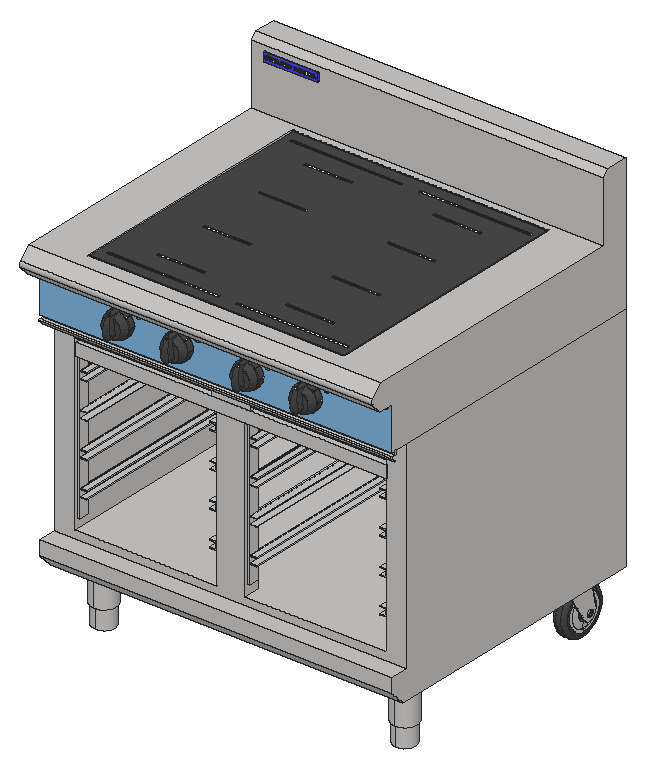
Revit family "QF_Moffat_IN514F-CB_Induction_Cooktop_cat", category Specialty Equipment, Revit 2019 (continued)
Definition of nested family "QF_LOGO_BLue Seal"
  Automatic sketch dimensions
    Extrusion 1 sketch curve to Extrusion 1 sketch curve = 4.503 mm
    Extrusion 1 sketch curve to Extrusion 1 sketch curve = 2.434 mm  (x2)
    Extrusion 1 sketch curve to Extrusion 1 sketch curve = 4.362 mm
    Extrusion 1 sketch curve to Extrusion 1 sketch curve = 3.517 mm
    Extrusion 1 sketch curve to Extrusion 1 sketch curve = 3.787 mm  (x2)
    Extrusion 1 sketch curve to Extrusion 1 sketch curve = 4.787 mm
    Extrusion 1 sketch curve to Extrusion 1 sketch curve = 4.588 mm
    Extrusion 1 sketch curve to Extrusion 1 sketch curve = 1.798 mm
    Extrusion 1 sketch curve to Extrusion 1 sketch curve = 1.956 mm  (x2)
    Extrusion 1 sketch curve to Extrusion 1 sketch curve = 3.735 mm
    Extrusion 1 sketch curve to Extrusion 1 sketch curve = 3.779 mm
    Extrusion 1 sketch curve to Extrusion 1 sketch curve = 1.146 mm
    Extrusion 1 sketch curve to Extrusion 1 sketch curve = 3.631 mm
    Extrusion 1 sketch curve to Extrusion 1 sketch curve = 3.713 mm
    Extrusion 1 sketch curve to Extrusion 1 sketch curve = 0.959 mm
    Extrusion 1 sketch curve to Extrusion 1 sketch curve = 1.688 mm
    Extrusion 1 sketch curve to plane 7 "Center Y" = 3.94 mm
    plane 7 "Center Y" to Extrusion 1 sketch curve = 0.777 mm
    plane 7 "Center Y" to Extrusion 1 sketch curve = 0.845 mm
    plane 7 "Center Y" to Extrusion 1 sketch curve = 0.988 mm
    Extrusion 1 sketch curve to Extrusion 1 sketch curve = 7.327 mm
    Extrusion 1 sketch curve to Extrusion 1 sketch curve = 4.556 mm
    Extrusion 1 sketch curve to Extrusion 1 sketch curve = 3.087 mm
    Extrusion 1 sketch curve to Extrusion 1 sketch curve = 4.657 mm  (x2)
    Extrusion 1 sketch curve to Extrusion 1 sketch curve = 0.004 mm
    Extrusion 1 sketch curve to Extrusion 1 sketch curve = 0.996 mm  (x2)
    Extrusion 1 sketch curve to Extrusion 1 sketch curve = 1.402 mm
    Extrusion 1 sketch curve to Extrusion 1 sketch curve = 5.025 mm
    Extrusion 1 sketch curve to Extrusion 1 sketch curve = 4.717 mm
    Extrusion 1 sketch curve to Extrusion 1 sketch curve = 4.785 mm
    Extrusion 1 sketch curve to Extrusion 1 sketch curve = 0.211 mm
    Extrusion 1 sketch curve to Extrusion 1 sketch curve = 2.645 mm
    Extrusion 1 sketch curve to Extrusion 1 sketch curve = 3.936 mm
    Extrusion 1 sketch curve to Extrusion 1 sketch curve = 0.5 mm  (x2)
    Extrusion 1 sketch curve to Extrusion 1 sketch curve = 1.76 mm
    Extrusion 1 sketch curve to Extrusion 1 sketch curve = 2.76 mm
    Extrusion 1 sketch curve to Extrusion 1 sketch curve = 4.875 mm
    Extrusion 1 sketch curve to Extrusion 1 sketch curve = 3.875 mm
    Extrusion 1 sketch curve to Extrusion 1 sketch curve = 1.717 mm
    plane 4 "RIGHT" to Extrusion 1 sketch curve = 4.933 mm
    plane 4 "RIGHT" to Extrusion 1 sketch curve = 2 mm  (x2)
    level to Extrusion 1 sketch curve = 7.169 mm  (x5)
    Extrusion 1 sketch curve to Extrusion 1 sketch curve = 5.169 mm
    Extrusion 1 sketch curve to Extrusion 1 sketch curve = 0.983 mm  (x2)
    Extrusion 1 sketch curve to Extrusion 1 sketch curve = 1.01 mm  (x2)
    Extrusion 1 sketch curve to Extrusion 1 sketch curve = 0.376 mm
    Extrusion 1 sketch curve to Extrusion 1 sketch curve = 0.588 mm
    Extrusion 1 sketch curve to Extrusion 1 sketch curve = 0.966 mm
    Extrusion 1 sketch curve to Extrusion 1 sketch curve = 2.037 mm  (x2)
    Extrusion 1 sketch curve to Extrusion 1 sketch curve = 0.772 mm  (x2)
    Extrusion 1 sketch curve to Extrusion 1 sketch curve = 0.952 mm
    Extrusion 1 sketch curve to Extrusion 1 sketch curve = 1.046 mm
    Extrusion 1 sketch curve to Extrusion 1 sketch curve = 1.28 mm  (x2)
    Extrusion 1 sketch curve to Extrusion 1 sketch curve = 1.878 mm
    Extrusion 1 sketch curve to Extrusion 1 sketch curve = 2.905 mm
    Extrusion 1 sketch curve to Extrusion 1 sketch curve = 3.031 mm
    Extrusion 1 sketch curve to Extrusion 1 sketch curve = 0.84 mm  (x2)
    Extrusion 1 sketch curve to Extrusion 1 sketch curve = 2.448 mm
    Extrusion 1 sketch curve to Extrusion 1 sketch curve = 2.202 mm
    Extrusion 1 sketch curve to Extrusion 1 sketch curve = 0.786 mm
    Extrusion 1 sketch curve to Extrusion 1 sketch curve = 1.332 mm
    Extrusion 1 sketch curve to Extrusion 1 sketch curve = 1.12 mm  (x2)
    Extrusion 1 sketch curve to Extrusion 1 sketch curve = 1.716 mm
    Extrusion 1 sketch curve to Extrusion 1 sketch curve = 1.051 mm  (x2)
    Extrusion 1 sketch curve to Extrusion 1 sketch curve = 4.147 mm
    Extrusion 1 sketch curve to Extrusion 1 sketch curve = 5.129 mm
    Extrusion 1 sketch curve to Extrusion 1 sketch curve = 0.051 mm
    Extrusion 1 sketch curve to Extrusion 1 sketch curve = 1.037 mm
    Extrusion 1 sketch curve to Extrusion 1 sketch curve = 0.516 mm
    plane 3 "LEFT" to Extrusion 1 sketch curve = 3.555 mm
    Extrusion 2 sketch curve to Extrusion 2 sketch curve = 0 mm  (x16)
    plane 3 "LEFT" to Extrusion 2 sketch curve = 8.019 mm
    Extrusion 2 sketch curve to Extrusion 2 sketch curve = 0.088 mm
    Extrusion 2 sketch curve to Extrusion 2 sketch curve = 0.029 mm
    Extrusion 2 sketch curve to Extrusion 2 sketch curve = 0.27 mm
    Extrusion 2 sketch curve to Extrusion 2 sketch curve = 7.371 mm
    Extrusion 2 sketch curve to Extrusion 2 sketch curve = 0.965 mm
    Extrusion 2 sketch curve to Extrusion 2 sketch curve = 1 mm  (x24)
    Extrusion 2 sketch curve to Extrusion 2 sketch curve = 4.503 mm
    Extrusion 2 sketch curve to Extrusion 2 sketch curve = 2.434 mm
    Extrusion 2 sketch curve to Extrusion 2 sketch curve = 4.362 mm
    Extrusion 2 sketch curve to Extrusion 2 sketch curve = 3.517 mm
    Extrusion 2 sketch curve to Extrusion 2 sketch curve = 3.787 mm  (x2)
    Extrusion 2 sketch curve to Extrusion 2 sketch curve = 4.787 mm  (x2)
    Extrusion 2 sketch curve to Extrusion 2 sketch curve = 4.588 mm  (x2)
    Extrusion 2 sketch curve to Extrusion 2 sketch curve = 1.798 mm
    Extrusion 2 sketch curve to Extrusion 2 sketch curve = 1.956 mm
    Extrusion 2 sketch curve to Extrusion 2 sketch curve = 3.735 mm
    Extrusion 2 sketch curve to Extrusion 2 sketch curve = 1.146 mm
    Extrusion 2 sketch curve to Extrusion 2 sketch curve = 3.631 mm
    Extrusion 2 sketch curve to Extrusion 2 sketch curve = 3.713 mm
    Extrusion 2 sketch curve to Extrusion 2 sketch curve = 0.959 mm
    Extrusion 2 sketch curve to Extrusion 2 sketch curve = 1.688 mm
    Extrusion 2 sketch curve to plane 7 "Center Y" = 3.94 mm
    plane 7 "Center Y" to Extrusion 2 sketch curve = 0.777 mm
    plane 7 "Center Y" to Extrusion 2 sketch curve = 0.845 mm
    plane 7 "Center Y" to Extrusion 2 sketch curve = 0.988 mm
    Extrusion 2 sketch curve to Extrusion 2 sketch curve = 7.327 mm
    Extrusion 2 sketch curve to Extrusion 2 sketch curve = 4.556 mm
    Extrusion 2 sketch curve to Extrusion 2 sketch curve = 3.087 mm
    Extrusion 2 sketch curve to Extrusion 2 sketch curve = 4.657 mm  (x2)
    Extrusion 2 sketch curve to Extrusion 2 sketch curve = 0.004 mm
    Extrusion 2 sketch curve to Extrusion 2 sketch curve = 0.996 mm
    Extrusion 2 sketch curve to Extrusion 2 sketch curve = 1.402 mm
    Extrusion 2 sketch curve to Extrusion 2 sketch curve = 5.025 mm
    Extrusion 2 sketch curve to Extrusion 2 sketch curve = 4.717 mm
    Extrusion 2 sketch curve to Extrusion 2 sketch curve = 4.785 mm
    Extrusion 2 sketch curve to Extrusion 2 sketch curve = 0.211 mm
    Extrusion 2 sketch curve to Extrusion 2 sketch curve = 2.578 mm
    Extrusion 2 sketch curve to Extrusion 2 sketch curve = 3.936 mm
    Extrusion 2 sketch curve to Extrusion 2 sketch curve = 0.5 mm  (x2)
    Extrusion 2 sketch curve to Extrusion 2 sketch curve = 1.76 mm
    Extrusion 2 sketch curve to Extrusion 2 sketch curve = 2.76 mm
    Extrusion 2 sketch curve to Extrusion 2 sketch curve = 3.875 mm
    Extrusion 2 sketch curve to Extrusion 2 sketch curve = 4.875 mm
    Extrusion 2 sketch curve to Extrusion 2 sketch curve = 1.717 mm
    level to Extrusion 2 sketch curve = 7.169 mm  (x6)
    level to Extrusion 2 sketch curve = 7.227 mm
    Extrusion 2 sketch curve to Extrusion 2 sketch curve = 0.003 mm
    Extrusion 2 sketch curve to Extrusion 2 sketch curve = 0.983 mm  (x2)
    Extrusion 2 sketch curve to Extrusion 2 sketch curve = 1.01 mm  (x2)
    Extrusion 2 sketch curve to Extrusion 2 sketch curve = 1.376 mm
    Extrusion 2 sketch curve to Extrusion 2 sketch curve = 0.588 mm
    Extrusion 2 sketch curve to Extrusion 2 sketch curve = 0.966 mm
    Extrusion 2 sketch curve to Extrusion 2 sketch curve = 2.037 mm  (x2)
    Extrusion 2 sketch curve to Extrusion 2 sketch curve = 0.772 mm  (x2)
    Extrusion 2 sketch curve to Extrusion 2 sketch curve = 1.539 mm
    Extrusion 2 sketch curve to Extrusion 2 sketch curve = 0.961 mm
    Extrusion 2 sketch curve to Extrusion 2 sketch curve = 1.28 mm  (x2)
    Extrusion 2 sketch curve to Extrusion 2 sketch curve = 1.878 mm
    Extrusion 2 sketch curve to Extrusion 2 sketch curve = 2.905 mm
    Extrusion 2 sketch curve to Extrusion 2 sketch curve = 3.969 mm
    Extrusion 2 sketch curve to Extrusion 2 sketch curve = 0.84 mm  (x2)
    Extrusion 2 sketch curve to Extrusion 2 sketch curve = 2.448 mm
    Extrusion 2 sketch curve to Extrusion 2 sketch curve = 2.202 mm
    Extrusion 2 sketch curve to Extrusion 2 sketch curve = 2.222 mm
    Extrusion 2 sketch curve to Extrusion 2 sketch curve = 1.332 mm
    Extrusion 2 sketch curve to Extrusion 2 sketch curve = 1.12 mm  (x2)
    Extrusion 2 sketch curve to Extrusion 2 sketch curve = 0.929 mm
    Extrusion 2 sketch curve to Extrusion 2 sketch curve = 1.051 mm  (x2)
    Extrusion 2 sketch curve to Extrusion 2 sketch curve = 5.129 mm  (x2)
    Extrusion 2 sketch curve to Extrusion 2 sketch curve = 4.147 mm
    Extrusion 2 sketch curve to Extrusion 2 sketch curve = 0.516 mm
    plane 3 "LEFT" to Extrusion 2 sketch curve = 3.555 mm
    plane 3 "LEFT" to Extrusion 3 sketch curve = 8.107 mm
    Extrusion 3 sketch curve to Extrusion 3 sketch curve = 0.182 mm
    level to Extrusion 3 sketch curve = 7.231 mm
    Extrusion 3 sketch curve to Extrusion 3 sketch curve = 3.969 mm
    Extrusion 4 sketch curve to plane 3 "LEFT" = 8.107 mm
    Extrusion 4 sketch curve to Extrusion 4 sketch curve = 0.088 mm
    Extrusion 4 sketch curve to level = 7.227 mm
    Extrusion 4 sketch curve to Extrusion 4 sketch curve = 3.972 mm
Definition of nested family "6 INCHES 02_CASTER"
  Parameters (values of type "6 INCHES 02_CASTER")
    Weight = ""
    URL Manufacturer = ""
    URL Cutsheet = ""
    URL = ""
    Type Mark [instance] = ""
    Specification by User [instance] = ""
    Specification by Manufacturer = ""
    Show Casters [instance] = yes
    Serial Number = ""
    Seismic Rating = ""
    SMACNA No = ""
    Revision Code [instance] = ""
    Omniclass Number and Title = ""
    NAFEM Spec ID Number = ""
    Model = ""
    MasterSpec. = ""
    Manufacturer = ""
    Item Number [instance] = ""
    Installed By [instance] = ""
    Identify Quantity as Lot [instance] = yes
    Furnished By [instance] = ""
    Foodservice Equipment Identifier [instance] = yes
    Description = ""
    CSI MasterFormat = ""
    CSI Master Format = ""
  Reference planes
    plane 1 "BACK": y = 0
    plane 2: z = 0
    plane 3 "LEFT": x = 0
    plane 4 "RIGHT": x = 0
    plane 5 "FRONT": y = 0
    plane 6 "TOP": z = 150
  Forms (mm)
    Revolve 1, solid, visible <- "Show Casters"
      sketch origin (-56.335, 0, -6.35) x (-1, 0, 0) y (0, 0, 1)
        loop
          line (-56.335, 152.4) -> (-56.335, 141.118) -> (-23.798, 141.118) -> (-23.798, 152.4) -> (-56.335, 152.4)
        axis (-56.335, 141.118) -> (-56.335, 152.4)
      angle from 0 to 360
    Extrusion 2, solid, visible <- "Show Casters"
      sketch origin (6.501, 53.083, -4.762) x (0, 1, 0) y (0, 0, 1)
        loop
          line (-85.799, 139.531) -> (-85.799, 133.181) -> (-42.478, 58.614)
          arc (-42.478, 58.614) -> (-16.638, 50.199) -> (-6.442, 75.39) r 19.923
          line (-6.442, 75.39) -> (-20.366, 139.531) -> (-85.799, 139.531)
      from 20.058 to 22.923
    Extrusion 3, solid, visible <- "Show Casters"
      sketch origin (0, 0, 146.05) x (0, 1, 0) y (-1, 0, 0)
        loop
          circle (0, 0) r 19.05
      from 0 to 3.95
    Extrusion 4, solid, visible <- "Show Casters"
      sketch origin (-6.501, 53.083, -4.762) x (0, 1, 0) y (0, 0, -1)
        loop
          line (-85.799, -133.181) -> (-85.799, -139.531) -> (-20.366, -139.531) -> (-6.442, -75.39)
          arc (-6.442, -75.39) -> (-16.638, -50.199) -> (-42.478, -58.614) r 19.923
          line (-42.478, -58.614) -> (-85.799, -133.181)
      from 20.058 to 22.923
    Extrusion 5, solid, visible <- "Show Casters"
      sketch origin (0, -3.253, 19.05) x (0, 1, 0) y (0, 0, 1)
        loop
          line (-29.464, 115.718) -> (-29.464, 109.368) -> (35.969, 109.368) -> (35.969, 115.718) -> (-29.464, 115.718)
      from -26.559 to 26.559
    Revolve 6, solid, visible <- "Show Casters"
      sketch origin (-49.213, 28.39, -3.252) x (1, 0, 0) y (0, 0, 1)
        loop
          line (14.841, 65.192) -> (14.841, 61.686) -> (16.111, 60.416) -> (17.635, 60.416) -> (17.635, 56.97) -> (29.782, 56.97) -> (29.782, 46.925) -> (33.069, 45.027) -> (36.232, 25.477) -> (32.544, 25.477) -> (32.544, 19.127) -> (33.338, 19.127) -> (33.338, 12.777)
          arc (33.338, 12.777) -> (36.127, 6.041) -> (42.863, 3.252) r 9.525
          line (42.863, 3.252) -> (55.563, 3.252)
          arc (55.563, 3.252) -> (62.298, 6.041) -> (65.088, 12.777) r 9.525
          line (65.088, 12.777) -> (65.088, 19.127) -> (65.881, 19.127) -> (65.881, 25.477) -> (62.193, 25.477) -> (65.371, 45.116) -> (68.644, 47.006) -> (68.644, 56.97) -> (80.79, 56.97) -> (80.79, 60.416) -> (82.314, 60.416) -> (83.584, 61.686) -> (83.584, 65.192) -> (14.841, 65.192)
        axis (14.841, 65.192) -> (83.584, 65.192)
      angle from 0 to 360
  Cuts and joins
    joined: Extrusion 2, Extrusion 4, Extrusion 5
  Lines and regions (mm)
    symbolic lines, visible <- "Show Casters"
      curve 1: line (11.652, 51.878, 0) -> (39.148, 36.003, 0)
      curve 2: line (-39.148, -36.11, 0) -> (-20.098, -3.115, 0)
      curve 3: line (-11.652, -51.985, 0) -> (-39.148, -36.11, 0)
      curve 4: line (39.148, 36.003, 0) -> (20.098, 3.007, 0)
      curve 5: line (-7.398, 18.882, 0) -> (11.652, 51.878, 0)
      curve 6: line (7.398, -18.99, 0) -> (-11.652, -51.985, 0)
  Dimensions and locks
    plane 6 "TOP" to level = 150 mm  (x2)
    aligned and locked: level to plane 2
Definition of nested family "Knob"
  Parameters (values of type "Knob")
    Weight in Pounds = 0
    URL Cutsheet = ""
    Specification by User = ""
    Specification by Manufacturer = ""
    Serial Number = ""
    Seismic Rating = ""
    SMACNA No = ""
    Revision Code = ""
    NAFEM Spec ID Number = ""
    Masterspec = ""
    Length = 65 mm
    Item Number = ""
    Installed By = ""
    Identify Quantity as Lot = yes
    Height = 69.5 mm
    Furnished By = ""
    Foodservice Equipment Identifier = yes
    Depth = 59 mm
    CSI MasterFormat = ""
  Reference planes
    plane 1 "BACK": y = 0
    plane 2: z = 0
    plane 3 "LEFT": x = 0
    plane 4 "RIGHT": x = 65
    plane 5 "FRONT": y = -59
    plane 6 "TOP": z = 69.5
    plane 7 "Center Y": x = 32.5
    plane 8 "Center X": y = -29.5
  Forms (mm)
    Revolve 1, solid
      sketch origin (32.5, 175.397, 1219.2) x (0, 1, 0) y (0, 0, 1)
        loop
          line (-175.397, -1186.7) -> (-219.397, -1186.7) -> (-219.397, -1211.501) -> (-202.106, -1219.2) -> (-185.397, -1219.2) -> (-185.397, -1191.7) -> (-175.397, -1191.7) -> (-175.397, -1186.7)
        axis (-219.397, -1186.7) -> (-175.397, -1186.7)
      angle from 0 to 360
    Extrusion 2, solid
      sketch origin (32.5, 175.397, 1219.2) x (0, 1, 0) y (0, 0, 1)
        loop
          line (-202.106, -1154.2) -> (-185.397, -1154.2) -> (-185.397, -1149.7) -> (-224.105, -1149.7)
          arc (-224.105, -1149.7) -> (-233.965, -1178.467) -> (-230.696, -1208.7) r 70
          line (-230.696, -1208.7) -> (-219.397, -1208.7) -> (-219.397, -1161.899) -> (-202.106, -1154.2)
      from -15 to 15
    Extrusion 3, void
      sketch origin (0, 0, 0) x (1, 0, 0) y (0, 0, 1)
        loop
          line (27.501, 64.613) -> (22.02, 20.585)
          arc (22.02, 20.585) -> (32.792, 10.488) -> (42.986, 21.169) r 10.487
          line (42.986, 21.169) -> (37.499, 64.613)
          arc (37.499, 64.613) -> (32.5, 69.5) -> (27.501, 64.613) r 5
        loop
          line (10, 72.977) -> (10, 5.625) -> (55, 5.625) -> (55, 72.977) -> (10, 72.977)
      from 6.142 to 69.687
    Extrusion 4, solid
      sketch origin (0, -34.115, -16.916) x (1, 0, 0) y (0, 0.45399, 0.891007)
        loop
          circle (32.497, 65) r 2
      from 51.525 to 53.075
    Extrusion 5, solid
      sketch origin (32.5, -10, 32.5) x (0, 0, -1) y (-1, 0, 0)
        loop
          line (-23.54, -22.408) -> (-24.106, -22.974)
          arc (-24.106, -22.974) -> (-23.547, -23.547) -> (-22.974, -24.106) r 33.3
          line (-22.974, -24.106) -> (-22.408, -23.54)
          arc (-22.408, -23.54) -> (-22.981, -22.981) -> (-23.54, -22.408) r 32.5
        loop
          arc (-0.8, -33.29) -> (0, -33.3) -> (0.8, -33.29) r 33.3
          line (0.8, -33.29) -> (0.8, -32.49)
          arc (0.8, -32.49) -> (0, -32.5) -> (-0.8, -32.49) r 32.5
          line (-0.8, -32.49) -> (-0.8, -33.29)
        loop
          arc (23.54, -22.408) -> (22.981, -22.981) -> (22.408, -23.54) r 32.5
          line (22.408, -23.54) -> (22.974, -24.106)
          arc (22.974, -24.106) -> (23.547, -23.547) -> (24.106, -22.974) r 33.3
          line (24.106, -22.974) -> (23.54, -22.408)
        loop
          arc (-23.54, 22.408) -> (-22.981, 22.981) -> (-22.408, 23.54) r 32.5
          line (-22.408, 23.54) -> (-22.974, 24.106)
          arc (-22.974, 24.106) -> (-23.547, 23.547) -> (-24.106, 22.974) r 33.3
          line (-24.106, 22.974) -> (-23.54, 22.408)
        loop
          line (-0.8, 33.29) -> (-0.8, 32.49)
          arc (-0.8, 32.49) -> (0, 32.5) -> (0.8, 32.49) r 32.5
          line (0.8, 32.49) -> (0.8, 33.29)
          arc (0.8, 33.29) -> (0, 33.3) -> (-0.8, 33.29) r 33.3
        loop
          line (32.49, -0.8) -> (33.29, -0.8)
          arc (33.29, -0.8) -> (33.3, 0) -> (33.29, 0.8) r 33.3
          line (33.29, 0.8) -> (32.49, 0.8)
          arc (32.49, 0.8) -> (32.5, 0) -> (32.49, -0.8) r 32.5
        loop
          arc (24.106, 22.974) -> (23.547, 23.547) -> (22.974, 24.106) r 33.3
          line (22.974, 24.106) -> (22.408, 23.54)
          arc (22.408, 23.54) -> (22.981, 22.981) -> (23.54, 22.408) r 32.5
          line (23.54, 22.408) -> (24.106, 22.974)
      from 0 to -16.709
  Cuts and joins
    Extrusion 3 cuts Extrusion 2
  Dimensions and locks
    equal spacing: plane 3 "LEFT", plane 7 "Center Y", plane 4 "RIGHT"
    "Length": plane 3 "LEFT" to plane 4 "RIGHT"
    equal spacing: plane 5 "FRONT", plane 8 "Center X", plane 1 "BACK"
    "Depth": plane 5 "FRONT" to plane 1 "BACK"
    "Height": plane 6 "TOP" to level
    plane 4 "RIGHT" to plane 3 "LEFT" = 65 mm
    aligned and locked: level to plane 2
  Automatic sketch dimensions
    Revolve 1 sketch curve to level = 0 mm
    Revolve 1 sketch curve to plane 1 "BACK" = 0 mm  (x2)
    plane 1 "BACK" to Revolve 1 sketch curve = 10 mm
    plane 8 "Center X" to Revolve 1 sketch curve = 2.791 mm
    Revolve 1 sketch curve to plane 8 "Center X" = 14.5 mm
    level to Revolve 1 sketch curve = 7.699 mm
    level to Revolve 1 sketch curve = 27.5 mm
    Revolve 1 sketch curve to Revolve 1 sketch curve = 5 mm
    Revolve 1 sketch curve to Revolve 1 sketch curve = 35 mm
    Revolve 1 sketch curve to Revolve 1 sketch curve = 0 mm
    Extrusion 2 sketch curve to plane 6 "TOP" = 0 mm
    Extrusion 2 sketch curve to plane 5 "FRONT" = 3.702 mm
    Extrusion 2 sketch curve to plane 5 "FRONT" = 10.293 mm
    Extrusion 2 sketch curve to Extrusion 2 sketch curve = 11.298 mm
    plane 8 "Center X" to Extrusion 2 sketch curve = 2.791 mm
    plane 1 "BACK" to Extrusion 2 sketch curve = 10 mm
    Extrusion 2 sketch curve to plane 1 "BACK" = 11 mm
    Extrusion 2 sketch curve to plane 6 "TOP" = 4.5 mm
    Extrusion 2 sketch curve to plane 6 "TOP" = 12.199 mm
    level to Extrusion 2 sketch curve = 32.962 mm
    level to Extrusion 3 sketch curve = 5.625 mm
    Extrusion 3 sketch curve to plane 7 "Center Y" = 0 mm  (x2)
    Extrusion 3 sketch curve to plane 7 "Center Y" = 4.999 mm
    Extrusion 3 sketch curve to plane 7 "Center Y" = 10.48 mm
    plane 6 "TOP" to Extrusion 3 sketch curve = 3.477 mm
    plane 3 "LEFT" to Extrusion 3 sketch curve = 10 mm
    Extrusion 3 sketch curve to plane 6 "TOP" = 4.887 mm
    Extrusion 3 sketch curve to Extrusion 3 sketch curve = 4.999 mm
    plane 7 "Center Y" to Extrusion 3 sketch curve = 10.486 mm
    level to Extrusion 3 sketch curve = 20.585 mm
    Extrusion 3 sketch curve to Extrusion 3 sketch curve = 0.387 mm
    Extrusion 3 sketch curve to Extrusion 3 sketch curve = 0.113 mm
    plane 4 "RIGHT" to Extrusion 3 sketch curve = 10 mm
    Extrusion 5 sketch curve to Revolve 1 = 32.49 mm
    Revolve 1 to Extrusion 5 sketch curve = 32.49 mm
    Extrusion 5 sketch curve to Revolve 1 = 23.54 mm  (x2)
    Revolve 1 to Extrusion 5 sketch curve = 23.54 mm  (x2)
    Extrusion 5 sketch curve to Revolve 1 = 24.106 mm  (x2)
    Revolve 1 to Extrusion 5 sketch curve = 24.106 mm  (x2)
    Revolve 1 to Extrusion 5 sketch curve = 22.408 mm  (x2)
    Extrusion 5 sketch curve to Revolve 1 = 22.408 mm  (x2)
    Revolve 1 to Extrusion 5 sketch curve = 22.974 mm  (x2)
    Extrusion 5 sketch curve to Revolve 1 = 22.974 mm  (x2)
    Extrusion 5 sketch curve to Extrusion 5 sketch curve = 1.6 mm  (x2)
    Revolve 1 to Extrusion 5 sketch curve = 0.8 mm
    Extrusion 5 sketch curve to Revolve 1 = 0.8 mm
    Extrusion 4 sketch curve to plane 7 "Center Y" = 0.003 mm
    radius of Extrusion 5 sketch curve to Revolve 1 = 0 mm  (x7)
    radius of Revolve 1 to Extrusion 5 sketch curve = 0.8 mm  (x7)
    radius of Extrusion 4 sketch curve = 2 mm
